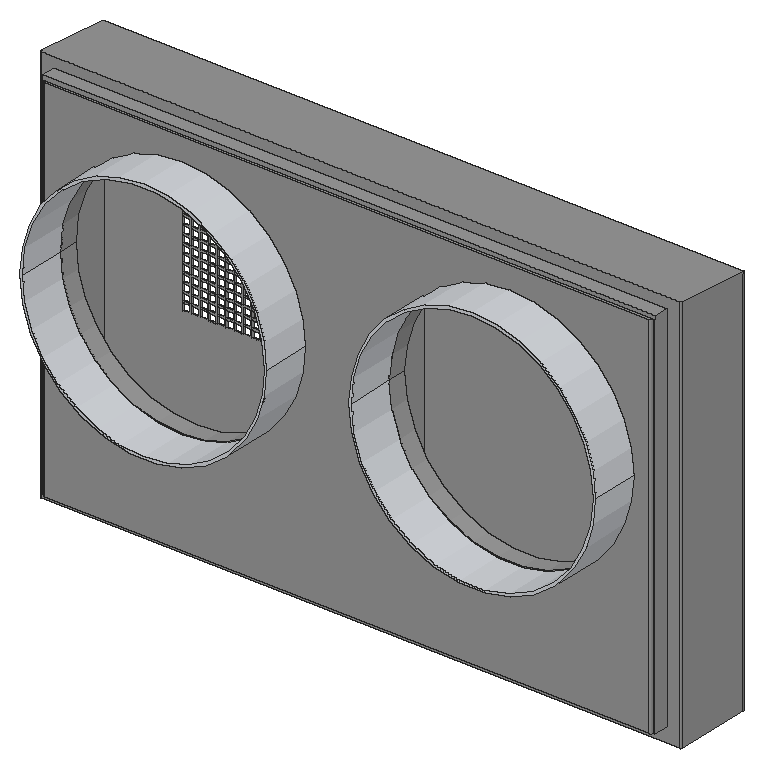
Revit family "AM 900 Wall Cover", category Air Terminals, Revit 2019
Family settings
  Round Connector Dimension = Use Diameter
  Part Type = Normal
  Work Plane-Based = No
  Always vertical = Yes
  Cut with Voids When Loaded = No
  Shared = No
  Room Calculation Point = No
Parameters
  URL = "https://www.airmaster-as.com/en/products/accessories/fa%C3%A7ade-grill/"
  Model = "Weather Protection Cowl Ø315"
  Manufacturer = "Airmaster A/S"
  Description = "Storm cap can be used when the supply and exhaust are particularly exposed to wind."
Reference planes
  plane 1 "Center (Front/Back)": y = 0
  plane 2: z = 0
  plane 3 "Center (Left/Right)": x = 0
Forms (mm)
  Extrusion 1, void
    sketch origin (-509, 0, 0) x (0, 1, 0) y (0, 0, 1)
      loop
        line (21.999, 508.755) -> (142.031, 498.246) -> (142.031, 518.323) -> (-20.029, 532.511) -> (-20.029, 489.778) -> (3.661, 489.778) -> (3.662, 495.299) -> (21.999, 495.298) -> (21.999, 508.755)
    from 0 to 415.449
  Extrusion 2, solid, material "Wall Cvover AM 900"
    sketch origin (0, -9.507, -305) x (1, 0, 0) y (0, 1, 0)
      loop
        line (388.875, 22.016) -> (404.907, 22.016)
        arc (404.907, 22.016) -> (406.296, 22.592) -> (406.871, 23.98) r 1.964
        line (406.871, 23.98) -> (406.871, 120.019)
        arc (406.871, 120.019) -> (406.286, 121.431) -> (404.874, 122.016) r 1.997
        line (404.874, 122.016) -> (-406.125, 122.016)
        arc (-406.125, 122.016) -> (-407.537, 121.431) -> (-408.122, 120.019) r 1.997
        line (-408.122, 120.019) -> (-408.122, 23.98)
        arc (-408.122, 23.98) -> (-407.547, 22.592) -> (-406.159, 22.016) r 1.964
        line (-406.159, 22.016) -> (-390.126, 22.016) -> (-390.126, 2.997) -> (-387.076, 2.997)
        arc (-387.076, 2.997) -> (-386.603, 0.965) -> (-384.753, 0) r 2.5
        line (-384.753, 0) -> (383.501, 0)
        arc (383.501, 0) -> (385.351, 0.965) -> (385.825, 2.997) r 2.5
        line (385.825, 2.997) -> (388.875, 2.997) -> (388.875, 22.016)
    from 0 to 517.592
  Extrusion 3, void
    sketch origin (0, -9.507, -305) x (0, 1, 0) y (0, 0, 1)
      loop
        line (21.999, 508.755) -> (142.031, 498.246) -> (142.031, 518.323) -> (-20.029, 532.511) -> (-20.029, 489.778) -> (3.661, 489.778) -> (3.662, 495.299) -> (21.999, 495.298) -> (21.999, 508.755)
    from -494.583 to 415.449
  Extrusion 4, void
    sketch origin (0, -9.507, -305) x (0, 1, 0) y (0, 0, 1)
      loop
        line (-60.007, 19.008) -> (-39.896, -25.541) -> (22.016, -25.541) -> (22.016, 19.003) -> (-60.007, 19.008)
    from -477.427 to 509
  Extrusion 5, void
    sketch origin (0, -9.507, -305) x (1, 0, 0) y (0, 1, 0)
      loop
        line (404.871, 120.016) -> (1.374, 120.016) -> (1.374, 24.016) -> (404.871, 24.016) -> (404.871, 120.016)
      loop
        line (-406.122, 120.016) -> (-406.122, 24.016) -> (-2.626, 24.016) -> (-2.626, 120.016) -> (-406.122, 120.016)
    from 0 to 489.778
  Extrusion 6, void
    sketch origin (0, -9.507, -305) x (1, 0, 0) y (0, 0, 1)
      loop
        line (-305.119, 402.167) -> (-305.119, 393.167) -> (-296.119, 393.167) -> (-296.119, 402.167) -> (-305.119, 402.167)
      loop
        line (-294.119, 402.167) -> (-294.119, 393.167) -> (-285.119, 393.167) -> (-285.119, 402.167) -> (-294.119, 402.167)
      loop
        line (-283.119, 402.167) -> (-283.119, 393.167) -> (-274.119, 393.167) -> (-274.119, 402.167) -> (-283.119, 402.167)
      loop
        line (-272.119, 402.167) -> (-272.119, 393.167) -> (-263.119, 393.167) -> (-263.119, 402.167) -> (-272.119, 402.167)
      loop
        line (-261.119, 402.167) -> (-261.119, 393.167) -> (-252.119, 393.167) -> (-252.119, 402.167) -> (-261.119, 402.167)
      loop
        line (-250.119, 402.167) -> (-250.119, 393.167) -> (-241.119, 393.167) -> (-241.119, 402.167) -> (-250.119, 402.167)
      loop
        line (-239.119, 402.167) -> (-239.119, 393.167) -> (-230.119, 393.167) -> (-230.119, 402.167) -> (-239.119, 402.167)
      loop
        line (-228.119, 402.167) -> (-228.119, 393.167) -> (-219.119, 393.167) -> (-219.119, 402.167) -> (-228.119, 402.167)
      loop
        line (-217.119, 402.167) -> (-217.119, 393.167) -> (-208.119, 393.167) -> (-208.119, 402.167) -> (-217.119, 402.167)
      loop
        line (-206.119, 402.167) -> (-206.119, 393.167) -> (-197.119, 393.167) -> (-197.119, 402.167) -> (-206.119, 402.167)
      loop
        line (-195.119, 402.167) -> (-195.119, 393.167) -> (-186.119, 393.167) -> (-186.119, 402.167) -> (-195.119, 402.167)
      loop
        line (-184.119, 402.167) -> (-184.119, 393.167) -> (-175.119, 393.167) -> (-175.119, 402.167) -> (-184.119, 402.167)
      loop
        line (-173.119, 402.167) -> (-173.119, 393.167) -> (-164.119, 393.167) -> (-164.119, 402.167) -> (-173.119, 402.167)
      loop
        line (-162.119, 402.167) -> (-162.119, 393.167) -> (-153.119, 393.167) -> (-153.119, 402.167) -> (-162.119, 402.167)
      loop
        line (-151.119, 402.167) -> (-151.119, 393.167) -> (-142.119, 393.167) -> (-142.119, 402.167) -> (-151.119, 402.167)
      loop
        line (-140.119, 402.167) -> (-140.119, 393.167) -> (-131.119, 393.167) -> (-131.119, 402.167) -> (-140.119, 402.167)
      loop
        line (-129.119, 402.167) -> (-129.119, 393.167) -> (-120.119, 393.167) -> (-120.119, 402.167) -> (-129.119, 402.167)
      loop
        line (-118.119, 402.167) -> (-118.119, 393.167) -> (-109.119, 393.167) -> (-109.119, 402.167) -> (-118.119, 402.167)
      loop
        line (-305.119, 391.167) -> (-305.119, 382.167) -> (-296.119, 382.167) -> (-296.119, 391.167) -> (-305.119, 391.167)
      loop
        line (-294.119, 391.167) -> (-294.119, 382.167) -> (-285.119, 382.167) -> (-285.119, 391.167) -> (-294.119, 391.167)
      loop
        line (-283.119, 391.167) -> (-283.119, 382.167) -> (-274.119, 382.167) -> (-274.119, 391.167) -> (-283.119, 391.167)
      loop
        line (-272.119, 391.167) -> (-272.119, 382.167) -> (-263.119, 382.167) -> (-263.119, 391.167) -> (-272.119, 391.167)
      loop
        line (-261.119, 391.167) -> (-261.119, 382.167) -> (-252.119, 382.167) -> (-252.119, 391.167) -> (-261.119, 391.167)
      loop
        line (-250.119, 391.167) -> (-250.119, 382.167) -> (-241.119, 382.167) -> (-241.119, 391.167) -> (-250.119, 391.167)
      loop
        line (-239.119, 391.167) -> (-239.119, 382.167) -> (-230.119, 382.167) -> (-230.119, 391.167) -> (-239.119, 391.167)
      loop
        line (-228.119, 391.167) -> (-228.119, 382.167) -> (-219.119, 382.167) -> (-219.119, 391.167) -> (-228.119, 391.167)
      loop
        line (-217.119, 391.167) -> (-217.119, 382.167) -> (-208.119, 382.167) -> (-208.119, 391.167) -> (-217.119, 391.167)
      loop
        line (-206.119, 391.167) -> (-206.119, 382.167) -> (-197.119, 382.167) -> (-197.119, 391.167) -> (-206.119, 391.167)
      loop
        line (-195.119, 391.167) -> (-195.119, 382.167) -> (-186.119, 382.167) -> (-186.119, 391.167) -> (-195.119, 391.167)
      loop
        line (-184.119, 391.167) -> (-184.119, 382.167) -> (-175.119, 382.167) -> (-175.119, 391.167) -> (-184.119, 391.167)
      loop
        line (-173.119, 391.167) -> (-173.119, 382.167) -> (-164.119, 382.167) -> (-164.119, 391.167) -> (-173.119, 391.167)
      loop
        line (-162.119, 391.167) -> (-162.119, 382.167) -> (-153.119, 382.167) -> (-153.119, 391.167) -> (-162.119, 391.167)
      loop
        line (-151.119, 391.167) -> (-151.119, 382.167) -> (-142.119, 382.167) -> (-142.119, 391.167) -> (-151.119, 391.167)
      loop
        line (-140.119, 391.167) -> (-140.119, 382.167) -> (-131.119, 382.167) -> (-131.119, 391.167) -> (-140.119, 391.167)
      loop
        line (-129.119, 391.167) -> (-129.119, 382.167) -> (-120.119, 382.167) -> (-120.119, 391.167) -> (-129.119, 391.167)
      loop
        line (-118.119, 391.167) -> (-118.119, 382.167) -> (-109.119, 382.167) -> (-109.119, 391.167) -> (-118.119, 391.167)
      loop
        line (-305.119, 380.167) -> (-305.119, 371.167) -> (-296.119, 371.167) -> (-296.119, 380.167) -> (-305.119, 380.167)
      loop
        line (-294.119, 380.167) -> (-294.119, 371.167) -> (-285.119, 371.167) -> (-285.119, 380.167) -> (-294.119, 380.167)
      loop
        line (-283.119, 380.167) -> (-283.119, 371.167) -> (-274.119, 371.167) -> (-274.119, 380.167) -> (-283.119, 380.167)
      loop
        line (-272.119, 380.167) -> (-272.119, 371.167) -> (-263.119, 371.167) -> (-263.119, 380.167) -> (-272.119, 380.167)
      loop
        line (-261.119, 380.167) -> (-261.119, 371.167) -> (-252.119, 371.167) -> (-252.119, 380.167) -> (-261.119, 380.167)
      loop
        line (-250.119, 380.167) -> (-250.119, 371.167) -> (-241.119, 371.167) -> (-241.119, 380.167) -> (-250.119, 380.167)
      loop
        line (-239.119, 380.167) -> (-239.119, 371.167) -> (-230.119, 371.167) -> (-230.119, 380.167) -> (-239.119, 380.167)
      loop
        line (-228.119, 380.167) -> (-228.119, 371.167) -> (-219.119, 371.167) -> (-219.119, 380.167) -> (-228.119, 380.167)
      loop
        line (-217.119, 380.167) -> (-217.119, 371.167) -> (-208.119, 371.167) -> (-208.119, 380.167) -> (-217.119, 380.167)
      loop
        line (-206.119, 380.167) -> (-206.119, 371.167) -> (-197.119, 371.167) -> (-197.119, 380.167) -> (-206.119, 380.167)
      loop
        line (-195.119, 380.167) -> (-195.119, 371.167) -> (-186.119, 371.167) -> (-186.119, 380.167) -> (-195.119, 380.167)
      loop
        line (-184.119, 380.167) -> (-184.119, 371.167) -> (-175.119, 371.167) -> (-175.119, 380.167) -> (-184.119, 380.167)
      loop
        line (-173.119, 380.167) -> (-173.119, 371.167) -> (-164.119, 371.167) -> (-164.119, 380.167) -> (-173.119, 380.167)
      loop
        line (-162.119, 380.167) -> (-162.119, 371.167) -> (-153.119, 371.167) -> (-153.119, 380.167) -> (-162.119, 380.167)
      loop
        line (-151.119, 380.167) -> (-151.119, 371.167) -> (-142.119, 371.167) -> (-142.119, 380.167) -> (-151.119, 380.167)
      loop
        line (-140.119, 380.167) -> (-140.119, 371.167) -> (-131.119, 371.167) -> (-131.119, 380.167) -> (-140.119, 380.167)
      loop
        line (-129.119, 380.167) -> (-129.119, 371.167) -> (-120.119, 371.167) -> (-120.119, 380.167) -> (-129.119, 380.167)
      loop
        line (-118.119, 380.167) -> (-118.119, 371.167) -> (-109.119, 371.167) -> (-109.119, 380.167) -> (-118.119, 380.167)
      loop
        line (-305.119, 369.167) -> (-305.119, 360.167) -> (-296.119, 360.167) -> (-296.119, 369.167) -> (-305.119, 369.167)
      loop
        line (-294.119, 369.167) -> (-294.119, 360.167) -> (-285.119, 360.167) -> (-285.119, 369.167) -> (-294.119, 369.167)
      loop
        line (-283.119, 369.167) -> (-283.119, 360.167) -> (-274.119, 360.167) -> (-274.119, 369.167) -> (-283.119, 369.167)
      loop
        line (-272.119, 369.167) -> (-272.119, 360.167) -> (-263.119, 360.167) -> (-263.119, 369.167) -> (-272.119, 369.167)
      loop
        line (-261.119, 369.167) -> (-261.119, 360.167) -> (-252.119, 360.167) -> (-252.119, 369.167) -> (-261.119, 369.167)
      loop
        line (-250.119, 369.167) -> (-250.119, 360.167) -> (-241.119, 360.167) -> (-241.119, 369.167) -> (-250.119, 369.167)
      loop
        line (-239.119, 369.167) -> (-239.119, 360.167) -> (-230.119, 360.167) -> (-230.119, 369.167) -> (-239.119, 369.167)
      loop
        line (-228.119, 369.167) -> (-228.119, 360.167) -> (-219.119, 360.167) -> (-219.119, 369.167) -> (-228.119, 369.167)
      loop
        line (-217.119, 369.167) -> (-217.119, 360.167) -> (-208.119, 360.167) -> (-208.119, 369.167) -> (-217.119, 369.167)
      loop
        line (-206.119, 369.167) -> (-206.119, 360.167) -> (-197.119, 360.167) -> (-197.119, 369.167) -> (-206.119, 369.167)
      loop
        line (-195.119, 369.167) -> (-195.119, 360.167) -> (-186.119, 360.167) -> (-186.119, 369.167) -> (-195.119, 369.167)
      loop
        line (-184.119, 369.167) -> (-184.119, 360.167) -> (-175.119, 360.167) -> (-175.119, 369.167) -> (-184.119, 369.167)
      loop
        line (-173.119, 369.167) -> (-173.119, 360.167) -> (-164.119, 360.167) -> (-164.119, 369.167) -> (-173.119, 369.167)
      loop
        line (-162.119, 369.167) -> (-162.119, 360.167) -> (-153.119, 360.167) -> (-153.119, 369.167) -> (-162.119, 369.167)
      loop
        line (-151.119, 369.167) -> (-151.119, 360.167) -> (-142.119, 360.167) -> (-142.119, 369.167) -> (-151.119, 369.167)
      loop
        line (-140.119, 369.167) -> (-140.119, 360.167) -> (-131.119, 360.167) -> (-131.119, 369.167) -> (-140.119, 369.167)
      loop
        line (-129.119, 369.167) -> (-129.119, 360.167) -> (-120.119, 360.167) -> (-120.119, 369.167) -> (-129.119, 369.167)
      loop
        line (-118.119, 369.167) -> (-118.119, 360.167) -> (-109.119, 360.167) -> (-109.119, 369.167) -> (-118.119, 369.167)
      loop
        line (-305.119, 358.167) -> (-305.119, 349.167) -> (-296.119, 349.167) -> (-296.119, 358.167) -> (-305.119, 358.167)
      loop
        line (-294.119, 358.167) -> (-294.119, 349.167) -> (-285.119, 349.167) -> (-285.119, 358.167) -> (-294.119, 358.167)
      loop
        line (-283.119, 358.167) -> (-283.119, 349.167) -> (-274.119, 349.167) -> (-274.119, 358.167) -> (-283.119, 358.167)
      loop
        line (-272.119, 358.167) -> (-272.119, 349.167) -> (-263.119, 349.167) -> (-263.119, 358.167) -> (-272.119, 358.167)
      loop
        line (-261.119, 358.167) -> (-261.119, 349.167) -> (-252.119, 349.167) -> (-252.119, 358.167) -> (-261.119, 358.167)
      loop
        line (-250.119, 358.167) -> (-250.119, 349.167) -> (-241.119, 349.167) -> (-241.119, 358.167) -> (-250.119, 358.167)
      loop
        line (-239.119, 358.167) -> (-239.119, 349.167) -> (-230.119, 349.167) -> (-230.119, 358.167) -> (-239.119, 358.167)
      loop
        line (-228.119, 358.167) -> (-228.119, 349.167) -> (-219.119, 349.167) -> (-219.119, 358.167) -> (-228.119, 358.167)
      loop
        line (-217.119, 358.167) -> (-217.119, 349.167) -> (-208.119, 349.167) -> (-208.119, 358.167) -> (-217.119, 358.167)
      loop
        line (-206.119, 358.167) -> (-206.119, 349.167) -> (-197.119, 349.167) -> (-197.119, 358.167) -> (-206.119, 358.167)
      loop
        line (-195.119, 358.167) -> (-195.119, 349.167) -> (-186.119, 349.167) -> (-186.119, 358.167) -> (-195.119, 358.167)
      loop
        line (-184.119, 358.167) -> (-184.119, 349.167) -> (-175.119, 349.167) -> (-175.119, 358.167) -> (-184.119, 358.167)
      loop
        line (-173.119, 358.167) -> (-173.119, 349.167) -> (-164.119, 349.167) -> (-164.119, 358.167) -> (-173.119, 358.167)
      loop
        line (-162.119, 358.167) -> (-162.119, 349.167) -> (-153.119, 349.167) -> (-153.119, 358.167) -> (-162.119, 358.167)
      loop
        line (-151.119, 358.167) -> (-151.119, 349.167) -> (-142.119, 349.167) -> (-142.119, 358.167) -> (-151.119, 358.167)
      loop
        line (-140.119, 358.167) -> (-140.119, 349.167) -> (-131.119, 349.167) -> (-131.119, 358.167) -> (-140.119, 358.167)
      loop
        line (-129.119, 358.167) -> (-129.119, 349.167) -> (-120.119, 349.167) -> (-120.119, 358.167) -> (-129.119, 358.167)
      loop
        line (-118.119, 358.167) -> (-118.119, 349.167) -> (-109.119, 349.167) -> (-109.119, 358.167) -> (-118.119, 358.167)
      loop
        line (-305.119, 347.167) -> (-305.119, 338.167) -> (-296.119, 338.167) -> (-296.119, 347.167) -> (-305.119, 347.167)
      loop
        line (-294.119, 347.167) -> (-294.119, 338.167) -> (-285.119, 338.167) -> (-285.119, 347.167) -> (-294.119, 347.167)
      loop
        line (-283.119, 347.167) -> (-283.119, 338.167) -> (-274.119, 338.167) -> (-274.119, 347.167) -> (-283.119, 347.167)
      loop
        line (-272.119, 347.167) -> (-272.119, 338.167) -> (-263.119, 338.167) -> (-263.119, 347.167) -> (-272.119, 347.167)
      loop
        line (-261.119, 347.167) -> (-261.119, 338.167) -> (-252.119, 338.167) -> (-252.119, 347.167) -> (-261.119, 347.167)
      loop
        line (-250.119, 347.167) -> (-250.119, 338.167) -> (-241.119, 338.167) -> (-241.119, 347.167) -> (-250.119, 347.167)
      loop
        line (-239.119, 347.167) -> (-239.119, 338.167) -> (-230.119, 338.167) -> (-230.119, 347.167) -> (-239.119, 347.167)
      loop
        line (-228.119, 347.167) -> (-228.119, 338.167) -> (-219.119, 338.167) -> (-219.119, 347.167) -> (-228.119, 347.167)
      loop
        line (-217.119, 347.167) -> (-217.119, 338.167) -> (-208.119, 338.167) -> (-208.119, 347.167) -> (-217.119, 347.167)
      loop
        line (-206.119, 347.167) -> (-206.119, 338.167) -> (-197.119, 338.167) -> (-197.119, 347.167) -> (-206.119, 347.167)
      loop
        line (-195.119, 347.167) -> (-195.119, 338.167) -> (-186.119, 338.167) -> (-186.119, 347.167) -> (-195.119, 347.167)
      loop
        line (-184.119, 347.167) -> (-184.119, 338.167) -> (-175.119, 338.167) -> (-175.119, 347.167) -> (-184.119, 347.167)
      loop
        line (-173.119, 347.167) -> (-173.119, 338.167) -> (-164.119, 338.167) -> (-164.119, 347.167) -> (-173.119, 347.167)
      loop
        line (-162.119, 347.167) -> (-162.119, 338.167) -> (-153.119, 338.167) -> (-153.119, 347.167) -> (-162.119, 347.167)
      loop
        line (-151.119, 347.167) -> (-151.119, 338.167) -> (-142.119, 338.167) -> (-142.119, 347.167) -> (-151.119, 347.167)
      loop
        line (-140.119, 347.167) -> (-140.119, 338.167) -> (-131.119, 338.167) -> (-131.119, 347.167) -> (-140.119, 347.167)
      loop
        line (-129.119, 347.167) -> (-129.119, 338.167) -> (-120.119, 338.167) -> (-120.119, 347.167) -> (-129.119, 347.167)
      loop
        line (-118.119, 347.167) -> (-118.119, 338.167) -> (-109.119, 338.167) -> (-109.119, 347.167) -> (-118.119, 347.167)
      loop
        line (-305.119, 336.167) -> (-305.119, 327.167) -> (-296.119, 327.167) -> (-296.119, 336.167) -> (-305.119, 336.167)
      loop
        line (-294.119, 336.167) -> (-294.119, 327.167) -> (-285.119, 327.167) -> (-285.119, 336.167) -> (-294.119, 336.167)
      loop
        line (-283.119, 336.167) -> (-283.119, 327.167) -> (-274.119, 327.167) -> (-274.119, 336.167) -> (-283.119, 336.167)
      loop
        line (-272.119, 336.167) -> (-272.119, 327.167) -> (-263.119, 327.167) -> (-263.119, 336.167) -> (-272.119, 336.167)
      loop
        line (-261.119, 336.167) -> (-261.119, 327.167) -> (-252.119, 327.167) -> (-252.119, 336.167) -> (-261.119, 336.167)
      loop
        line (-250.119, 336.167) -> (-250.119, 327.167) -> (-241.119, 327.167) -> (-241.119, 336.167) -> (-250.119, 336.167)
      loop
        line (-239.119, 336.167) -> (-239.119, 327.167) -> (-230.119, 327.167) -> (-230.119, 336.167) -> (-239.119, 336.167)
      loop
        line (-228.119, 336.167) -> (-228.119, 327.167) -> (-219.119, 327.167) -> (-219.119, 336.167) -> (-228.119, 336.167)
      loop
        line (-217.119, 336.167) -> (-217.119, 327.167) -> (-208.119, 327.167) -> (-208.119, 336.167) -> (-217.119, 336.167)
      loop
        line (-206.119, 336.167) -> (-206.119, 327.167) -> (-197.119, 327.167) -> (-197.119, 336.167) -> (-206.119, 336.167)
      loop
        line (-195.119, 336.167) -> (-195.119, 327.167) -> (-186.119, 327.167) -> (-186.119, 336.167) -> (-195.119, 336.167)
      loop
        line (-184.119, 336.167) -> (-184.119, 327.167) -> (-175.119, 327.167) -> (-175.119, 336.167) -> (-184.119, 336.167)
      loop
        line (-173.119, 336.167) -> (-173.119, 327.167) -> (-164.119, 327.167) -> (-164.119, 336.167) -> (-173.119, 336.167)
      loop
        line (-162.119, 336.167) -> (-162.119, 327.167) -> (-153.119, 327.167) -> (-153.119, 336.167) -> (-162.119, 336.167)
      loop
        line (-151.119, 336.167) -> (-151.119, 327.167) -> (-142.119, 327.167) -> (-142.119, 336.167) -> (-151.119, 336.167)
      loop
        line (-140.119, 336.167) -> (-140.119, 327.167) -> (-131.119, 327.167) -> (-131.119, 336.167) -> (-140.119, 336.167)
      loop
        line (-129.119, 336.167) -> (-129.119, 327.167) -> (-120.119, 327.167) -> (-120.119, 336.167) -> (-129.119, 336.167)
      loop
        line (-118.119, 336.167) -> (-118.119, 327.167) -> (-109.119, 327.167) -> (-109.119, 336.167) -> (-118.119, 336.167)
      loop
        line (-305.119, 325.167) -> (-305.119, 316.167) -> (-296.119, 316.167) -> (-296.119, 325.167) -> (-305.119, 325.167)
      loop
        line (-294.119, 325.167) -> (-294.119, 316.167) -> (-285.119, 316.167) -> (-285.119, 325.167) -> (-294.119, 325.167)
      loop
        line (-283.119, 325.167) -> (-283.119, 316.167) -> (-274.119, 316.167) -> (-274.119, 325.167) -> (-283.119, 325.167)
      loop
        line (-272.119, 325.167) -> (-272.119, 316.167) -> (-263.119, 316.167) -> (-263.119, 325.167) -> (-272.119, 325.167)
      loop
        line (-261.119, 325.167) -> (-261.119, 316.167) -> (-252.119, 316.167) -> (-252.119, 325.167) -> (-261.119, 325.167)
      loop
        line (-250.119, 325.167) -> (-250.119, 316.167) -> (-241.119, 316.167) -> (-241.119, 325.167) -> (-250.119, 325.167)
      loop
        line (-239.119, 325.167) -> (-239.119, 316.167) -> (-230.119, 316.167) -> (-230.119, 325.167) -> (-239.119, 325.167)
      loop
        line (-228.119, 325.167) -> (-228.119, 316.167) -> (-219.119, 316.167) -> (-219.119, 325.167) -> (-228.119, 325.167)
      loop
        line (-217.119, 325.167) -> (-217.119, 316.167) -> (-208.119, 316.167) -> (-208.119, 325.167) -> (-217.119, 325.167)
      loop
        line (-206.119, 325.167) -> (-206.119, 316.167) -> (-197.119, 316.167) -> (-197.119, 325.167) -> (-206.119, 325.167)
      loop
        line (-195.119, 325.167) -> (-195.119, 316.167) -> (-186.119, 316.167) -> (-186.119, 325.167) -> (-195.119, 325.167)
      loop
        line (-184.119, 325.167) -> (-184.119, 316.167) -> (-175.119, 316.167) -> (-175.119, 325.167) -> (-184.119, 325.167)
      loop
        line (-173.119, 325.167) -> (-173.119, 316.167) -> (-164.119, 316.167) -> (-164.119, 325.167) -> (-173.119, 325.167)
      loop
        line (-162.119, 325.167) -> (-162.119, 316.167) -> (-153.119, 316.167) -> (-153.119, 325.167) -> (-162.119, 325.167)
      loop
        line (-151.119, 325.167) -> (-151.119, 316.167) -> (-142.119, 316.167) -> (-142.119, 325.167) -> (-151.119, 325.167)
      loop
        line (-140.119, 325.167) -> (-140.119, 316.167) -> (-131.119, 316.167) -> (-131.119, 325.167) -> (-140.119, 325.167)
      loop
        line (-129.119, 325.167) -> (-129.119, 316.167) -> (-120.119, 316.167) -> (-120.119, 325.167) -> (-129.119, 325.167)
      loop
        line (-118.119, 325.167) -> (-118.119, 316.167) -> (-109.119, 316.167) -> (-109.119, 325.167) -> (-118.119, 325.167)
      loop
        line (-305.119, 314.167) -> (-305.119, 305.167) -> (-296.119, 305.167) -> (-296.119, 314.167) -> (-305.119, 314.167)
      loop
        line (-294.119, 314.167) -> (-294.119, 305.167) -> (-285.119, 305.167) -> (-285.119, 314.167) -> (-294.119, 314.167)
      loop
        line (-283.119, 314.167) -> (-283.119, 305.167) -> (-274.119, 305.167) -> (-274.119, 314.167) -> (-283.119, 314.167)
      loop
        line (-272.119, 314.167) -> (-272.119, 305.167) -> (-263.119, 305.167) -> (-263.119, 314.167) -> (-272.119, 314.167)
      loop
        line (-261.119, 314.167) -> (-261.119, 305.167) -> (-252.119, 305.167) -> (-252.119, 314.167) -> (-261.119, 314.167)
      loop
        line (-250.119, 314.167) -> (-250.119, 305.167) -> (-241.119, 305.167) -> (-241.119, 314.167) -> (-250.119, 314.167)
      loop
        line (-239.119, 314.167) -> (-239.119, 305.167) -> (-230.119, 305.167) -> (-230.119, 314.167) -> (-239.119, 314.167)
      loop
        line (-228.119, 314.167) -> (-228.119, 305.167) -> (-219.119, 305.167) -> (-219.119, 314.167) -> (-228.119, 314.167)
      loop
        line (-217.119, 314.167) -> (-217.119, 305.167) -> (-208.119, 305.167) -> (-208.119, 314.167) -> (-217.119, 314.167)
      loop
        line (-206.119, 314.167) -> (-206.119, 305.167) -> (-197.119, 305.167) -> (-197.119, 314.167) -> (-206.119, 314.167)
      loop
        line (-195.119, 314.167) -> (-195.119, 305.167) -> (-186.119, 305.167) -> (-186.119, 314.167) -> (-195.119, 314.167)
      loop
        line (-184.119, 314.167) -> (-184.119, 305.167) -> (-175.119, 305.167) -> (-175.119, 314.167) -> (-184.119, 314.167)
      loop
        line (-173.119, 314.167) -> (-173.119, 305.167) -> (-164.119, 305.167) -> (-164.119, 314.167) -> (-173.119, 314.167)
      loop
        line (-162.119, 314.167) -> (-162.119, 305.167) -> (-153.119, 305.167) -> (-153.119, 314.167) -> (-162.119, 314.167)
      loop
        line (-151.119, 314.167) -> (-151.119, 305.167) -> (-142.119, 305.167) -> (-142.119, 314.167) -> (-151.119, 314.167)
      loop
        line (-140.119, 314.167) -> (-140.119, 305.167) -> (-131.119, 305.167) -> (-131.119, 314.167) -> (-140.119, 314.167)
      loop
        line (-129.119, 314.167) -> (-129.119, 305.167) -> (-120.119, 305.167) -> (-120.119, 314.167) -> (-129.119, 314.167)
      loop
        line (-118.119, 314.167) -> (-118.119, 305.167) -> (-109.119, 305.167) -> (-109.119, 314.167) -> (-118.119, 314.167)
      loop
        line (-305.119, 303.167) -> (-305.119, 294.167) -> (-296.119, 294.167) -> (-296.119, 303.167) -> (-305.119, 303.167)
      loop
        line (-294.119, 303.167) -> (-294.119, 294.167) -> (-285.119, 294.167) -> (-285.119, 303.167) -> (-294.119, 303.167)
      loop
        line (-283.119, 303.167) -> (-283.119, 294.167) -> (-274.119, 294.167) -> (-274.119, 303.167) -> (-283.119, 303.167)
      loop
        line (-272.119, 303.167) -> (-272.119, 294.167) -> (-263.119, 294.167) -> (-263.119, 303.167) -> (-272.119, 303.167)
      loop
        line (-261.119, 303.167) -> (-261.119, 294.167) -> (-252.119, 294.167) -> (-252.119, 303.167) -> (-261.119, 303.167)
      loop
        line (-250.119, 303.167) -> (-250.119, 294.167) -> (-241.119, 294.167) -> (-241.119, 303.167) -> (-250.119, 303.167)
      loop
        line (-239.119, 303.167) -> (-239.119, 294.167) -> (-230.119, 294.167) -> (-230.119, 303.167) -> (-239.119, 303.167)
      loop
        line (-228.119, 303.167) -> (-228.119, 294.167) -> (-219.119, 294.167) -> (-219.119, 303.167) -> (-228.119, 303.167)
      loop
        line (-217.119, 303.167) -> (-217.119, 294.167) -> (-208.119, 294.167) -> (-208.119, 303.167) -> (-217.119, 303.167)
      loop
        line (-206.119, 303.167) -> (-206.119, 294.167) -> (-197.119, 294.167) -> (-197.119, 303.167) -> (-206.119, 303.167)
      loop
        line (-195.119, 303.167) -> (-195.119, 294.167) -> (-186.119, 294.167) -> (-186.119, 303.167) -> (-195.119, 303.167)
      loop
        line (-184.119, 303.167) -> (-184.119, 294.167) -> (-175.119, 294.167) -> (-175.119, 303.167) -> (-184.119, 303.167)
      loop
        line (-173.119, 303.167) -> (-173.119, 294.167) -> (-164.119, 294.167) -> (-164.119, 303.167) -> (-173.119, 303.167)
      loop
        line (-162.119, 303.167) -> (-162.119, 294.167) -> (-153.119, 294.167) -> (-153.119, 303.167) -> (-162.119, 303.167)
      loop
        line (-151.119, 303.167) -> (-151.119, 294.167) -> (-142.119, 294.167) -> (-142.119, 303.167) -> (-151.119, 303.167)
      loop
        line (-140.119, 303.167) -> (-140.119, 294.167) -> (-131.119, 294.167) -> (-131.119, 303.167) -> (-140.119, 303.167)
      loop
        line (-129.119, 303.167) -> (-129.119, 294.167) -> (-120.119, 294.167) -> (-120.119, 303.167) -> (-129.119, 303.167)
      loop
        line (-118.119, 303.167) -> (-118.119, 294.167) -> (-109.119, 294.167) -> (-109.119, 303.167) -> (-118.119, 303.167)
      loop
        line (-305.119, 292.167) -> (-305.119, 283.167) -> (-296.119, 283.167) -> (-296.119, 292.167) -> (-305.119, 292.167)
      loop
        line (-294.119, 292.167) -> (-294.119, 283.167) -> (-285.119, 283.167) -> (-285.119, 292.167) -> (-294.119, 292.167)
      loop
        line (-283.119, 292.167) -> (-283.119, 283.167) -> (-274.119, 283.167) -> (-274.119, 292.167) -> (-283.119, 292.167)
      loop
        line (-272.119, 292.167) -> (-272.119, 283.167) -> (-263.119, 283.167) -> (-263.119, 292.167) -> (-272.119, 292.167)
      loop
        line (-261.119, 292.167) -> (-261.119, 283.167) -> (-252.119, 283.167) -> (-252.119, 292.167) -> (-261.119, 292.167)
      loop
        line (-250.119, 292.167) -> (-250.119, 283.167) -> (-241.119, 283.167) -> (-241.119, 292.167) -> (-250.119, 292.167)
      loop
        line (-239.119, 292.167) -> (-239.119, 283.167) -> (-230.119, 283.167) -> (-230.119, 292.167) -> (-239.119, 292.167)
      loop
        line (-228.119, 292.167) -> (-228.119, 283.167) -> (-219.119, 283.167) -> (-219.119, 292.167) -> (-228.119, 292.167)
      loop
        line (-217.119, 292.167) -> (-217.119, 283.167) -> (-208.119, 283.167) -> (-208.119, 292.167) -> (-217.119, 292.167)
      loop
        line (-206.119, 292.167) -> (-206.119, 283.167) -> (-197.119, 283.167) -> (-197.119, 292.167) -> (-206.119, 292.167)
      loop
        line (-195.119, 292.167) -> (-195.119, 283.167) -> (-186.119, 283.167) -> (-186.119, 292.167) -> (-195.119, 292.167)
      loop
        line (-184.119, 292.167) -> (-184.119, 283.167) -> (-175.119, 283.167) -> (-175.119, 292.167) -> (-184.119, 292.167)
      loop
        line (-173.119, 292.167) -> (-173.119, 283.167) -> (-164.119, 283.167) -> (-164.119, 292.167) -> (-173.119, 292.167)
      loop
        line (-162.119, 292.167) -> (-162.119, 283.167) -> (-153.119, 283.167) -> (-153.119, 292.167) -> (-162.119, 292.167)
      loop
        line (-151.119, 292.167) -> (-151.119, 283.167) -> (-142.119, 283.167) -> (-142.119, 292.167) -> (-151.119, 292.167)
      loop
        line (-140.119, 292.167) -> (-140.119, 283.167) -> (-131.119, 283.167) -> (-131.119, 292.167) -> (-140.119, 292.167)
      loop
        line (-129.119, 292.167) -> (-129.119, 283.167) -> (-120.119, 283.167) -> (-120.119, 292.167) -> (-129.119, 292.167)
      loop
        line (-118.119, 292.167) -> (-118.119, 283.167) -> (-109.119, 283.167) -> (-109.119, 292.167) -> (-118.119, 292.167)
      loop
        line (-305.119, 281.167) -> (-305.119, 272.167) -> (-296.119, 272.167) -> (-296.119, 281.167) -> (-305.119, 281.167)
      loop
        line (-294.119, 281.167) -> (-294.119, 272.167) -> (-285.119, 272.167) -> (-285.119, 281.167) -> (-294.119, 281.167)
      loop
        line (-283.119, 281.167) -> (-283.119, 272.167) -> (-274.119, 272.167) -> (-274.119, 281.167) -> (-283.119, 281.167)
      loop
        line (-272.119, 281.167) -> (-272.119, 272.167) -> (-263.119, 272.167) -> (-263.119, 281.167) -> (-272.119, 281.167)
      loop
        line (-261.119, 281.167) -> (-261.119, 272.167) -> (-252.119, 272.167) -> (-252.119, 281.167) -> (-261.119, 281.167)
      loop
        line (-250.119, 281.167) -> (-250.119, 272.167) -> (-241.119, 272.167) -> (-241.119, 281.167) -> (-250.119, 281.167)
      loop
        line (-239.119, 281.167) -> (-239.119, 272.167) -> (-230.119, 272.167) -> (-230.119, 281.167) -> (-239.119, 281.167)
      loop
        line (-228.119, 281.167) -> (-228.119, 272.167) -> (-219.119, 272.167) -> (-219.119, 281.167) -> (-228.119, 281.167)
      loop
        line (-217.119, 281.167) -> (-217.119, 272.167) -> (-208.119, 272.167) -> (-208.119, 281.167) -> (-217.119, 281.167)
      loop
        line (-206.119, 281.167) -> (-206.119, 272.167) -> (-197.119, 272.167) -> (-197.119, 281.167) -> (-206.119, 281.167)
      loop
        line (-195.119, 281.167) -> (-195.119, 272.167) -> (-186.119, 272.167) -> (-186.119, 281.167) -> (-195.119, 281.167)
      loop
        line (-184.119, 281.167) -> (-184.119, 272.167) -> (-175.119, 272.167) -> (-175.119, 281.167) -> (-184.119, 281.167)
      loop
        line (-173.119, 281.167) -> (-173.119, 272.167) -> (-164.119, 272.167) -> (-164.119, 281.167) -> (-173.119, 281.167)
      loop
        line (-162.119, 281.167) -> (-162.119, 272.167) -> (-153.119, 272.167) -> (-153.119, 281.167) -> (-162.119, 281.167)
      loop
        line (-151.119, 281.167) -> (-151.119, 272.167) -> (-142.119, 272.167) -> (-142.119, 281.167) -> (-151.119, 281.167)
      loop
        line (-140.119, 281.167) -> (-140.119, 272.167) -> (-131.119, 272.167) -> (-131.119, 281.167) -> (-140.119, 281.167)
      loop
        line (-129.119, 281.167) -> (-129.119, 272.167) -> (-120.119, 272.167) -> (-120.119, 281.167) -> (-129.119, 281.167)
      loop
        line (-118.119, 281.167) -> (-118.119, 272.167) -> (-109.119, 272.167) -> (-109.119, 281.167) -> (-118.119, 281.167)
      loop
        line (-305.119, 270.167) -> (-305.119, 261.167) -> (-296.119, 261.167) -> (-296.119, 270.167) -> (-305.119, 270.167)
      loop
        line (-294.119, 270.167) -> (-294.119, 261.167) -> (-285.119, 261.167) -> (-285.119, 270.167) -> (-294.119, 270.167)
      loop
        line (-283.119, 270.167) -> (-283.119, 261.167) -> (-274.119, 261.167) -> (-274.119, 270.167) -> (-283.119, 270.167)
      loop
        line (-272.119, 270.167) -> (-272.119, 261.167) -> (-263.119, 261.167) -> (-263.119, 270.167) -> (-272.119, 270.167)
      loop
        line (-261.119, 270.167) -> (-261.119, 261.167) -> (-252.119, 261.167) -> (-252.119, 270.167) -> (-261.119, 270.167)
      loop
        line (-250.119, 270.167) -> (-250.119, 261.167) -> (-241.119, 261.167) -> (-241.119, 270.167) -> (-250.119, 270.167)
      loop
        line (-239.119, 270.167) -> (-239.119, 261.167) -> (-230.119, 261.167) -> (-230.119, 270.167) -> (-239.119, 270.167)
      loop
        line (-228.119, 270.167) -> (-228.119, 261.167) -> (-219.119, 261.167) -> (-219.119, 270.167) -> (-228.119, 270.167)
      loop
        line (-217.119, 270.167) -> (-217.119, 261.167) -> (-208.119, 261.167) -> (-208.119, 270.167) -> (-217.119, 270.167)
      loop
        line (-206.119, 270.167) -> (-206.119, 261.167) -> (-197.119, 261.167) -> (-197.119, 270.167) -> (-206.119, 270.167)
      loop
        line (-195.119, 270.167) -> (-195.119, 261.167) -> (-186.119, 261.167) -> (-186.119, 270.167) -> (-195.119, 270.167)
      loop
        line (-184.119, 270.167) -> (-184.119, 261.167) -> (-175.119, 261.167) -> (-175.119, 270.167) -> (-184.119, 270.167)
      loop
        line (-173.119, 270.167) -> (-173.119, 261.167) -> (-164.119, 261.167) -> (-164.119, 270.167) -> (-173.119, 270.167)
      loop
        line (-162.119, 270.167) -> (-162.119, 261.167) -> (-153.119, 261.167) -> (-153.119, 270.167) -> (-162.119, 270.167)
      loop
        line (-151.119, 270.167) -> (-151.119, 261.167) -> (-142.119, 261.167) -> (-142.119, 270.167) -> (-151.119, 270.167)
      loop
        line (-140.119, 270.167) -> (-140.119, 261.167) -> (-131.119, 261.167) -> (-131.119, 270.167) -> (-140.119, 270.167)
      loop
        line (-129.119, 270.167) -> (-129.119, 261.167) -> (-120.119, 261.167) -> (-120.119, 270.167) -> (-129.119, 270.167)
      loop
        line (-118.119, 270.167) -> (-118.119, 261.167) -> (-109.119, 261.167) -> (-109.119, 270.167) -> (-118.119, 270.167)
      loop
        line (-305.119, 259.167) -> (-305.119, 250.167) -> (-296.119, 250.167) -> (-296.119, 259.167) -> (-305.119, 259.167)
      loop
        line (-294.119, 259.167) -> (-294.119, 250.167) -> (-285.119, 250.167) -> (-285.119, 259.167) -> (-294.119, 259.167)
      loop
        line (-283.119, 259.167) -> (-283.119, 250.167) -> (-274.119, 250.167) -> (-274.119, 259.167) -> (-283.119, 259.167)
      loop
        line (-272.119, 259.167) -> (-272.119, 250.167) -> (-263.119, 250.167) -> (-263.119, 259.167) -> (-272.119, 259.167)
      loop
        line (-261.119, 259.167) -> (-261.119, 250.167) -> (-252.119, 250.167) -> (-252.119, 259.167) -> (-261.119, 259.167)
      loop
        line (-250.119, 259.167) -> (-250.119, 250.167) -> (-241.119, 250.167) -> (-241.119, 259.167) -> (-250.119, 259.167)
      loop
        line (-239.119, 259.167) -> (-239.119, 250.167) -> (-230.119, 250.167) -> (-230.119, 259.167) -> (-239.119, 259.167)
      loop
        line (-228.119, 259.167) -> (-228.119, 250.167) -> (-219.119, 250.167) -> (-219.119, 259.167) -> (-228.119, 259.167)
      loop
        line (-217.119, 259.167) -> (-217.119, 250.167) -> (-208.119, 250.167) -> (-208.119, 259.167) -> (-217.119, 259.167)
      loop
        line (-206.119, 259.167) -> (-206.119, 250.167) -> (-197.119, 250.167) -> (-197.119, 259.167) -> (-206.119, 259.167)
      loop
        line (-195.119, 259.167) -> (-195.119, 250.167) -> (-186.119, 250.167) -> (-186.119, 259.167) -> (-195.119, 259.167)
      loop
        line (-184.119, 259.167) -> (-184.119, 250.167) -> (-175.119, 250.167) -> (-175.119, 259.167) -> (-184.119, 259.167)
      loop
        line (-173.119, 259.167) -> (-173.119, 250.167) -> (-164.119, 250.167) -> (-164.119, 259.167) -> (-173.119, 259.167)
      loop
        line (-162.119, 259.167) -> (-162.119, 250.167) -> (-153.119, 250.167) -> (-153.119, 259.167) -> (-162.119, 259.167)
      loop
        line (-151.119, 259.167) -> (-151.119, 250.167) -> (-142.119, 250.167) -> (-142.119, 259.167) -> (-151.119, 259.167)
      loop
        line (-140.119, 259.167) -> (-140.119, 250.167) -> (-131.119, 250.167) -> (-131.119, 259.167) -> (-140.119, 259.167)
      loop
        line (-129.119, 259.167) -> (-129.119, 250.167) -> (-120.119, 250.167) -> (-120.119, 259.167) -> (-129.119, 259.167)
      loop
        line (-118.119, 259.167) -> (-118.119, 250.167) -> (-109.119, 250.167) -> (-109.119, 259.167) -> (-118.119, 259.167)
      loop
        line (-305.119, 248.167) -> (-305.119, 239.167) -> (-296.119, 239.167) -> (-296.119, 248.167) -> (-305.119, 248.167)
      loop
        line (-294.119, 248.167) -> (-294.119, 239.167) -> (-285.119, 239.167) -> (-285.119, 248.167) -> (-294.119, 248.167)
      loop
        line (-283.119, 248.167) -> (-283.119, 239.167) -> (-274.119, 239.167) -> (-274.119, 248.167) -> (-283.119, 248.167)
      loop
        line (-272.119, 248.167) -> (-272.119, 239.167) -> (-263.119, 239.167) -> (-263.119, 248.167) -> (-272.119, 248.167)
      loop
        line (-261.119, 248.167) -> (-261.119, 239.167) -> (-252.119, 239.167) -> (-252.119, 248.167) -> (-261.119, 248.167)
      loop
        line (-250.119, 248.167) -> (-250.119, 239.167) -> (-241.119, 239.167) -> (-241.119, 248.167) -> (-250.119, 248.167)
      loop
        line (-239.119, 248.167) -> (-239.119, 239.167) -> (-230.119, 239.167) -> (-230.119, 248.167) -> (-239.119, 248.167)
      loop
        line (-228.119, 248.167) -> (-228.119, 239.167) -> (-219.119, 239.167) -> (-219.119, 248.167) -> (-228.119, 248.167)
      loop
        line (-217.119, 248.167) -> (-217.119, 239.167) -> (-208.119, 239.167) -> (-208.119, 248.167) -> (-217.119, 248.167)
      loop
        line (-206.119, 248.167) -> (-206.119, 239.167) -> (-197.119, 239.167) -> (-197.119, 248.167) -> (-206.119, 248.167)
      loop
        line (-195.119, 248.167) -> (-195.119, 239.167) -> (-186.119, 239.167) -> (-186.119, 248.167) -> (-195.119, 248.167)
      loop
        line (-184.119, 248.167) -> (-184.119, 239.167) -> (-175.119, 239.167) -> (-175.119, 248.167) -> (-184.119, 248.167)
      loop
        line (-173.119, 248.167) -> (-173.119, 239.167) -> (-164.119, 239.167) -> (-164.119, 248.167) -> (-173.119, 248.167)
      loop
        line (-162.119, 248.167) -> (-162.119, 239.167) -> (-153.119, 239.167) -> (-153.119, 248.167) -> (-162.119, 248.167)
      loop
        line (-151.119, 248.167) -> (-151.119, 239.167) -> (-142.119, 239.167) -> (-142.119, 248.167) -> (-151.119, 248.167)
      loop
        line (-140.119, 248.167) -> (-140.119, 239.167) -> (-131.119, 239.167) -> (-131.119, 248.167) -> (-140.119, 248.167)
      loop
        line (-129.119, 248.167) -> (-129.119, 239.167) -> (-120.119, 239.167) -> (-120.119, 248.167) -> (-129.119, 248.167)
      loop
        line (-118.119, 248.167) -> (-118.119, 239.167) -> (-109.119, 239.167) -> (-109.119, 248.167) -> (-118.119, 248.167)
      loop
        line (-305.119, 237.167) -> (-305.119, 228.167) -> (-296.119, 228.167) -> (-296.119, 237.167) -> (-305.119, 237.167)
      loop
        line (-294.119, 237.167) -> (-294.119, 228.167) -> (-285.119, 228.167) -> (-285.119, 237.167) -> (-294.119, 237.167)
      loop
        line (-283.119, 237.167) -> (-283.119, 228.167) -> (-274.119, 228.167) -> (-274.119, 237.167) -> (-283.119, 237.167)
      loop
        line (-272.119, 237.167) -> (-272.119, 228.167) -> (-263.119, 228.167) -> (-263.119, 237.167) -> (-272.119, 237.167)
      loop
        line (-261.119, 237.167) -> (-261.119, 228.167) -> (-252.119, 228.167) -> (-252.119, 237.167) -> (-261.119, 237.167)
      loop
        line (-250.119, 237.167) -> (-250.119, 228.167) -> (-241.119, 228.167) -> (-241.119, 237.167) -> (-250.119, 237.167)
      loop
        line (-239.119, 237.167) -> (-239.119, 228.167) -> (-230.119, 228.167) -> (-230.119, 237.167) -> (-239.119, 237.167)
      loop
        line (-228.119, 237.167) -> (-228.119, 228.167) -> (-219.119, 228.167) -> (-219.119, 237.167) -> (-228.119, 237.167)
      loop
        line (-217.119, 237.167) -> (-217.119, 228.167) -> (-208.119, 228.167) -> (-208.119, 237.167) -> (-217.119, 237.167)
      loop
        line (-206.119, 237.167) -> (-206.119, 228.167) -> (-197.119, 228.167) -> (-197.119, 237.167) -> (-206.119, 237.167)
      loop
        line (-195.119, 237.167) -> (-195.119, 228.167) -> (-186.119, 228.167) -> (-186.119, 237.167) -> (-195.119, 237.167)
      loop
        line (-184.119, 237.167) -> (-184.119, 228.167) -> (-175.119, 228.167) -> (-175.119, 237.167) -> (-184.119, 237.167)
      loop
        line (-173.119, 237.167) -> (-173.119, 228.167) -> (-164.119, 228.167) -> (-164.119, 237.167) -> (-173.119, 237.167)
      loop
        line (-162.119, 237.167) -> (-162.119, 228.167) -> (-153.119, 228.167) -> (-153.119, 237.167) -> (-162.119, 237.167)
      loop
        line (-151.119, 237.167) -> (-151.119, 228.167) -> (-142.119, 228.167) -> (-142.119, 237.167) -> (-151.119, 237.167)
      loop
        line (-140.119, 237.167) -> (-140.119, 228.167) -> (-131.119, 228.167) -> (-131.119, 237.167) -> (-140.119, 237.167)
      loop
        line (-129.119, 237.167) -> (-129.119, 228.167) -> (-120.119, 228.167) -> (-120.119, 237.167) -> (-129.119, 237.167)
      loop
        line (-118.119, 237.167) -> (-118.119, 228.167) -> (-109.119, 228.167) -> (-109.119, 237.167) -> (-118.119, 237.167)
      loop
        line (-305.119, 226.167) -> (-305.119, 217.167) -> (-296.119, 217.167) -> (-296.119, 226.167) -> (-305.119, 226.167)
      loop
        line (-294.119, 226.167) -> (-294.119, 217.167) -> (-285.119, 217.167) -> (-285.119, 226.167) -> (-294.119, 226.167)
      loop
        line (-283.119, 226.167) -> (-283.119, 217.167) -> (-274.119, 217.167) -> (-274.119, 226.167) -> (-283.119, 226.167)
      loop
        line (-272.119, 226.167) -> (-272.119, 217.167) -> (-263.119, 217.167) -> (-263.119, 226.167) -> (-272.119, 226.167)
      loop
        line (-261.119, 226.167) -> (-261.119, 217.167) -> (-252.119, 217.167) -> (-252.119, 226.167) -> (-261.119, 226.167)
      loop
        line (-250.119, 226.167) -> (-250.119, 217.167) -> (-241.119, 217.167) -> (-241.119, 226.167) -> (-250.119, 226.167)
      loop
        line (-239.119, 226.167) -> (-239.119, 217.167) -> (-230.119, 217.167) -> (-230.119, 226.167) -> (-239.119, 226.167)
      loop
        line (-228.119, 226.167) -> (-228.119, 217.167) -> (-219.119, 217.167) -> (-219.119, 226.167) -> (-228.119, 226.167)
      loop
        line (-217.119, 226.167) -> (-217.119, 217.167) -> (-208.119, 217.167) -> (-208.119, 226.167) -> (-217.119, 226.167)
      loop
        line (-206.119, 226.167) -> (-206.119, 217.167) -> (-197.119, 217.167) -> (-197.119, 226.167) -> (-206.119, 226.167)
      loop
        line (-195.119, 226.167) -> (-195.119, 217.167) -> (-186.119, 217.167) -> (-186.119, 226.167) -> (-195.119, 226.167)
      loop
        line (-184.119, 226.167) -> (-184.119, 217.167) -> (-175.119, 217.167) -> (-175.119, 226.167) -> (-184.119, 226.167)
      loop
        line (-173.119, 226.167) -> (-173.119, 217.167) -> (-164.119, 217.167) -> (-164.119, 226.167) -> (-173.119, 226.167)
      loop
        line (-162.119, 226.167) -> (-162.119, 217.167) -> (-153.119, 217.167) -> (-153.119, 226.167) -> (-162.119, 226.167)
      loop
        line (-151.119, 226.167) -> (-151.119, 217.167) -> (-142.119, 217.167) -> (-142.119, 226.167) -> (-151.119, 226.167)
      loop
        line (-140.119, 226.167) -> (-140.119, 217.167) -> (-131.119, 217.167) -> (-131.119, 226.167) -> (-140.119, 226.167)
      loop
        line (-129.119, 226.167) -> (-129.119, 217.167) -> (-120.119, 217.167) -> (-120.119, 226.167) -> (-129.119, 226.167)
      loop
        line (-118.119, 226.167) -> (-118.119, 217.167) -> (-109.119, 217.167) -> (-109.119, 226.167) -> (-118.119, 226.167)
      loop
        line (-305.119, 215.167) -> (-305.119, 206.167) -> (-296.119, 206.167) -> (-296.119, 215.167) -> (-305.119, 215.167)
      loop
        line (-294.119, 215.167) -> (-294.119, 206.167) -> (-285.119, 206.167) -> (-285.119, 215.167) -> (-294.119, 215.167)
      loop
        line (-283.119, 215.167) -> (-283.119, 206.167) -> (-274.119, 206.167) -> (-274.119, 215.167) -> (-283.119, 215.167)
      loop
        line (-272.119, 215.167) -> (-272.119, 206.167) -> (-263.119, 206.167) -> (-263.119, 215.167) -> (-272.119, 215.167)
      loop
        line (-261.119, 215.167) -> (-261.119, 206.167) -> (-252.119, 206.167) -> (-252.119, 215.167) -> (-261.119, 215.167)
      loop
        line (-250.119, 215.167) -> (-250.119, 206.167) -> (-241.119, 206.167) -> (-241.119, 215.167) -> (-250.119, 215.167)
      loop
        line (-239.119, 215.167) -> (-239.119, 206.167) -> (-230.119, 206.167) -> (-230.119, 215.167) -> (-239.119, 215.167)
      loop
        line (-228.119, 215.167) -> (-228.119, 206.167) -> (-219.119, 206.167) -> (-219.119, 215.167) -> (-228.119, 215.167)
      loop
        line (-217.119, 215.167) -> (-217.119, 206.167) -> (-208.119, 206.167) -> (-208.119, 215.167) -> (-217.119, 215.167)
      loop
        line (-206.119, 215.167) -> (-206.119, 206.167) -> (-197.119, 206.167) -> (-197.119, 215.167) -> (-206.119, 215.167)
      loop
        line (-195.119, 215.167) -> (-195.119, 206.167) -> (-186.119, 206.167) -> (-186.119, 215.167) -> (-195.119, 215.167)
      loop
        line (-184.119, 215.167) -> (-184.119, 206.167) -> (-175.119, 206.167) -> (-175.119, 215.167) -> (-184.119, 215.167)
      loop
        line (-173.119, 215.167) -> (-173.119, 206.167) -> (-164.119, 206.167) -> (-164.119, 215.167) -> (-173.119, 215.167)
      loop
        line (-162.119, 215.167) -> (-162.119, 206.167) -> (-153.119, 206.167) -> (-153.119, 215.167) -> (-162.119, 215.167)
      loop
        line (-151.119, 215.167) -> (-151.119, 206.167) -> (-142.119, 206.167) -> (-142.119, 215.167) -> (-151.119, 215.167)
      loop
        line (-140.119, 215.167) -> (-140.119, 206.167) -> (-131.119, 206.167) -> (-131.119, 215.167) -> (-140.119, 215.167)
      loop
        line (-129.119, 215.167) -> (-129.119, 206.167) -> (-120.119, 206.167) -> (-120.119, 215.167) -> (-129.119, 215.167)
      loop
        line (-118.119, 215.167) -> (-118.119, 206.167) -> (-109.119, 206.167) -> (-109.119, 215.167) -> (-118.119, 215.167)
    from -130.718 to -100.951
  Extrusion 7, solid
    sketch origin (0, -9.507, -305) x (1, 0, 0) y (0, 0, 1)
      loop
        circle (206.871, 305) r 157
    from 0 to 60
  Extrusion 8, solid
    sketch origin (-417.999, -9.507, -305) x (1, 0, 0) y (0, 0, 1)
      loop
        circle (206.87, 305) r 157
    from 0 to 60
  Extrusion 9, void
    sketch origin (-417.999, -69.507, -305) x (-1, 0, 0) y (0, 0, 1)
      loop
        circle (-206.87, 305) r 154
      loop
        circle (-624.87, 305) r 154
    from 0 to 91.879
Cuts and joins
  Extrusion 3, Extrusion 4, Extrusion 5, Extrusion 6, Extrusion 9 cuts Extrusion 2
  Extrusion 9 cuts Extrusion 7
  Extrusion 9 cuts Extrusion 8
Dimensions and locks
  aligned and locked: level to plane 2
Connectors
  hvac at (-211.129, -9.507, 0)
    settings: on cut or joined group of Extrusion 8, Extrusion 9, index 2, duct flow 0.0 L/s, flow factor 0, pres drop 0.0 Pa, loss coef 0, conn angle 0.00°, conn width 304.8 mm, conn height 304.8 mm, conn diameter 315 mm, duct sys type 3, conn prof type 0, flow config 0, flow direction 0, loss method 0, conn ref index -1, conn util no, is conn primary yes, conn desc ""
  hvac at (206.871, -9.507, 0)
    settings: on cut or joined group of Extrusion 7, Extrusion 9, index 3, duct flow 0.0 L/s, flow factor 0, pres drop 0.0 Pa, loss coef 0, conn angle 0.00°, conn width 304.8 mm, conn height 304.8 mm, conn diameter 315 mm, duct sys type 1, conn prof type 0, flow config 0, flow direction 0, loss method 0, conn ref index -1, conn util no, is conn primary no, conn desc ""
